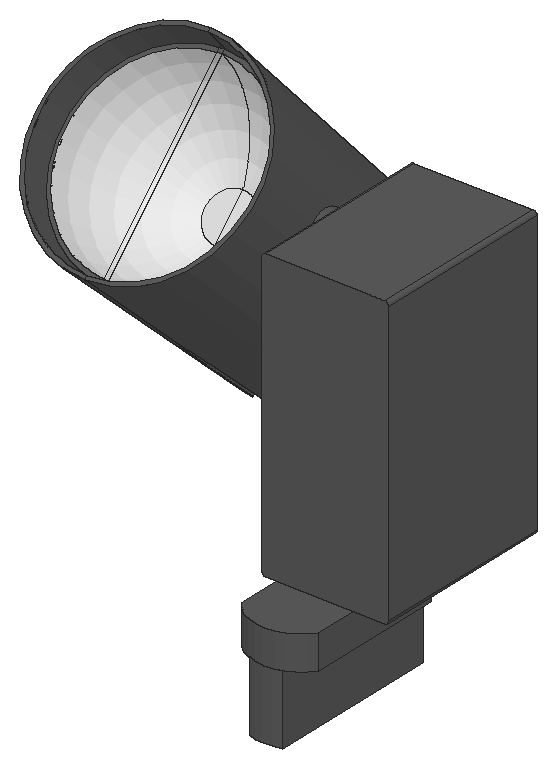
Revit family "0004900 Feilo Sylvania Lighting Fixture START TRACK SPOT S 24W 4K RA90 WB BLACK", category Lighting Fixtures, host Face, Revit 2017 (continued)
Definition of nested family "Start Track Spot Head"
  Types (96, lengths in mm): name | Wattage | built-in parameter 1150134 | Photometric Web File | Model | built-in parameter 1150105 | Lumens | built-in parameter 1150107 | built-in parameter 1150106 | HeadThickness_FEILO | HeadRibOffset_FEILO | HeadRibDepth_FEILO | HeadRibCutWidth_FEILO | HeadRibCutOffset_FEILO | HeadReflectorRadius_FEILO | HeadReflectorOffset_FEILO | HeadLEDRadius_FEILO | HeadHeight_FEILO | HeadDiffusorOffset_FEILO | HeadDiaOut_FEILO | HeadDiaIn_FEILO | HeadAxisFromTop_FEILO | Emit from Circle Diameter | built-in parameter 1150104 | Description | Apparent Load
    0004864 START TRACK SPOT S 24W 3K RA90 WB WHITE | 24 W | (empty or 0) | "0004864.ies" | "START TRACK SPOT S 24W 3K RA90 WB WHITE" | 152.79 (stored number, unit not read) | 1920 lm | 3000 (stored number, unit not read) | 1.5279 (stored number, unit not read) | 1.5 | 4.179 | 55.714 | 7.167 | 50.87 | 50.588 | 55.714 | 9.556 | 117 | 9.435 | 86 | 77.477 | 69.354 | 77.477 | 7.4322 (stored number, unit not read) | "Integrated LED spotlight, Textured White - RAL9016, compact and minimalist design, ideal for retail applications, die-cast aluminium body, passive cooling heatsink. Beam angle: 64°, color temperature: 3000K , total system power: 24W, total fixture output: 1928 lm, LOR: 100%, colour rendering: Ra: 90 typical, LED Chromaticity: 3 step MacAdam ellipse, lifetime: >50000 hours at L70B50, energy class: A++, A+, A, IR/UV free light source without heat radiation, operating voltage: 220-240V / 50-60Hz, drive current: 600mA, electronic driver, non-dimmable, power factor: 0.95, electrical protection: Class II, Global Track 3 Phase adapter suitable for Global trac 3-circuit tracks, ingress protection rating: IP20, suitable for internal environment only, horizontal rotation: 355°, vertical tilt: 90°, dimensions: Ø86x140x200, weight: 0.966kg." | 24 VA
    0004863 START TRACK SPOT S 24W 3K RA90 MB WHITE | 24 W | (empty or 0) | "0004863.ies" | "START TRACK SPOT S 24W 3K RA90 MB WHITE" | 154.7 (stored number, unit not read) | 1944 lm | 3000 (stored number, unit not read) | 1.547 (stored number, unit not read) | 1.5 | 4.179 | 55.714 | 7.167 | 50.87 | 50.588 | 55.714 | 9.556 | 117 | 9.435 | 86 | 77.477 | 69.354 | 77.477 | 7.5251 (stored number, unit not read) | "Integrated LED spotlight, Textured White - RAL9016, compact and minimalist design, ideal for retail applications, die-cast aluminium body, passive cooling heatsink. Beam angle: 36°, color temperature: 3000K , total system power: 24W, total fixture output: 1944 lm, LOR: 100%, colour rendering: Ra: 90 typical, LED Chromaticity: 3 step MacAdam ellipse, lifetime: >50000 hours at L70B50, energy class: A++, A+, A, IR/UV free light source without heat radiation, operating voltage: 220-240V / 50-60Hz, drive current: 600mA, electronic driver, non-dimmable, power factor: 0.95, electrical protection: Class II, Global Track 3 Phase adapter suitable for Global trac 3-circuit tracks, ingress protection rating: IP20, suitable for internal environment only, horizontal rotation: 355°, vertical tilt: 90°, dimensions: Ø86x140x200, weight: 0.966kg." | 24 VA
    0004862 START TRACK SPOT S 24W 3K RA90 NB WHITE | 24 W | (empty or 0) | "0004862.ies" | "START TRACK SPOT S 24W 3K RA90 NB WHITE" | 158.52 (stored number, unit not read) | 1992 lm | 3000 (stored number, unit not read) | 1.5852 (stored number, unit not read) | 1.5 | 4.179 | 55.714 | 7.167 | 50.87 | 50.588 | 55.714 | 9.556 | 117 | 9.435 | 86 | 77.477 | 69.354 | 77.477 | 7.711 (stored number, unit not read) | "Integrated LED spotlight, Textured White - RAL9016, compact and minimalist design, ideal for retail applications, die-cast aluminium body, passive cooling heatsink. Beam angle: 12°, color temperature: 3000K , total system power: 24W, total fixture output: 1987 lm, LOR: 100%, colour rendering: Ra: 90 typical, LED Chromaticity: 3 step MacAdam ellipse, lifetime: >50000 hours at L70B50, energy class: A++, A+, A, IR/UV free light source without heat radiation, operating voltage: 220-240V / 50-60Hz, drive current: 600mA, electronic driver, non-dimmable, power factor: 0.95, electrical protection: Class II, Global Track 3 Phase adapter suitable for Global trac 3-circuit tracks, ingress protection rating: IP20, suitable for internal environment only, horizontal rotation: 355°, vertical tilt: 90°, dimensions: Ø86x140x200, weight: 0.966kg." | 24 VA
    0004861 START TRACK SPOT S 14W 3K RA90 WB WHITE | 14 W | (empty or 0) | "0004861.ies" | "START TRACK SPOT S 14W 3K RA90 WB WHITE" | 100.27 (stored number, unit not read) | 1260 lm | 3000 (stored number, unit not read) | 1.0027 (stored number, unit not read) | 1.5 | 4.179 | 55.714 | 7.167 | 50.87 | 50.588 | 55.714 | 9.556 | 117 | 9.435 | 86 | 77.477 | 69.354 | 77.477 | 8.3613 (stored number, unit not read) | "Integrated LED spotlight, Textured White - RAL9016, compact and minimalist design, ideal for retail applications, die-cast aluminium body, passive cooling heatsink. Beam angle: 64°, color temperature: 3000K , total system power: 14W, total fixture output: 1262 lm, LOR: 100%, colour rendering: Ra: 90 typical, LED Chromaticity: 3 step MacAdam ellipse, lifetime: >50000 hours at L70B50, energy class: A++, A+, A, IR/UV free light source without heat radiation, operating voltage: 220-240V / 50-60Hz, drive current: 350mA, electronic driver, non-dimmable, power factor: 0.92, electrical protection: Class II, Global Track 3 Phase adapter suitable for Global trac 3-circuit tracks, ingress protection rating: IP20, suitable for internal environment only, horizontal rotation: 355°, vertical tilt: 90°, dimensions: Ø86x140x200, weight: 0.940kg." | 14 VA
    0004860 START TRACK SPOT S 14W 3K RA90 MB WHITE | 14 W | (empty or 0) | "0004860.ies" | "START TRACK SPOT S 14W 3K RA90 MB WHITE" | 100.27 (stored number, unit not read) | 1260 lm | 3000 (stored number, unit not read) | 1.0027 (stored number, unit not read) | 1.5 | 4.179 | 55.714 | 7.167 | 50.87 | 50.588 | 55.714 | 9.556 | 117 | 9.435 | 86 | 77.477 | 69.354 | 77.477 | 8.3613 (stored number, unit not read) | "Integrated LED spotlight, Textured White - RAL9016, compact and minimalist design, ideal for retail applications, die-cast aluminium body, passive cooling heatsink. Beam angle: 36°, color temperature: 3000K , total system power: 14W, total fixture output: 1262 lm, LOR: 100%, colour rendering: Ra: 90 typical, LED Chromaticity: 3 step MacAdam ellipse, lifetime: >50000 hours at L70B50, energy class: A++, A+, A, IR/UV free light source without heat radiation, operating voltage: 220-240V / 50-60Hz, drive current: 350mA, electronic driver, non-dimmable, power factor: 0.92, electrical protection: Class II, Global Track 3 Phase adapter suitable for Global trac 3-circuit tracks, ingress protection rating: IP20, suitable for internal environment only, horizontal rotation: 355°, vertical tilt: 90°, dimensions: Ø86x140x200, weight: 0.940kg." | 14 VA
    0004859 START TRACK SPOT S 14W 3K RA90 NB WHITE | 14 W | (empty or 0) | "0004859.ies" | "START TRACK SPOT S 14W 3K RA90 NB WHITE" | 102.5 (stored number, unit not read) | 1288 lm | 3000 (stored number, unit not read) | 1.025 (stored number, unit not read) | 1.5 | 4.179 | 55.714 | 7.167 | 50.87 | 50.588 | 55.714 | 9.556 | 117 | 9.435 | 86 | 77.477 | 69.354 | 77.477 | 8.5471 (stored number, unit not read) | "Integrated LED spotlight, Textured White - RAL9016, compact and minimalist design, ideal for retail applications, die-cast aluminium body, passive cooling heatsink. Beam angle: 12°, color temperature: 3000K , total system power: 14W, total fixture output: 1284 lm, LOR: 100%, colour rendering: Ra: 90 typical, LED Chromaticity: 3 step MacAdam ellipse, lifetime: >50000 hours at L70B50, energy class: A++, A+, A, IR/UV free light source without heat radiation, operating voltage: 220-240V / 50-60Hz, drive current: 350mA, electronic driver, non-dimmable, power factor: 0.92, electrical protection: Class II, Global Track 3 Phase adapter suitable for Global trac 3-circuit tracks, ingress protection rating: IP20, suitable for internal environment only, horizontal rotation: 355°, vertical tilt: 90°, dimensions: Ø86x140x200, weight: 0.940kg." | 14 VA
    0004858 START TRACK SPOT L 55W 4K RA80 WB BLACK | 55 W | 12 | "0004858.ies" | "START TRACK SPOT L 55W 4K RA80 WB BLACK" | 424.55 (stored number, unit not read) | 5335 lm | 4000 (stored number, unit not read) | 4.2455 (stored number, unit not read) | 2 | 4.429 | 59.048 | 9.417 | 53.913 | 66.471 | 59.048 | 12.556 | 124 | 10 | 113 | 101.802 | 73.503 | 101.802 | 9.0116 (stored number, unit not read) | "Integrated LED spotlight, Textured Black - RAL9005, compact and minimalist design, ideal for retail applications, die-cast aluminium body, passive cooling heatsink. Beam angle: 52°, color temperature: 4000K , total system power: 55W, total fixture output: 5320 lm, LOR: 100%, colour rendering: Ra: 80 typical, LED Chromaticity: 3 step MacAdam ellipse, lifetime: >50000 hours at L70B50, energy class: A++, A+, A, IR/UV free light source without heat radiation, operating voltage: 220-240V / 50-60Hz, drive current: 1400mA, electronic driver, non-dimmable, power factor: 0.96, electrical protection: Class II, Global Track 3 Phase adapter suitable for Global trac 3-circuit tracks, ingress protection rating: IP20, suitable for internal environment only, horizontal rotation: 355°, vertical tilt: 90°, dimensions: Ø113x164x240, weight: 1.398kg." | 55 VA
    0004857 START TRACK SPOT L 55W 4K RA80 MB BLACK | 55 W | 12 | "0004857.ies" | "START TRACK SPOT L 55W 4K RA80 MB BLACK" | 428.92 (stored number, unit not read) | 5390 lm | 4000 (stored number, unit not read) | 4.2892 (stored number, unit not read) | 2 | 4.429 | 59.048 | 9.417 | 53.913 | 66.471 | 59.048 | 12.556 | 124 | 10 | 113 | 101.802 | 73.503 | 101.802 | 9.1045 (stored number, unit not read) | "Integrated LED spotlight, Textured Black - RAL9005, compact and minimalist design, ideal for retail applications, die-cast aluminium body, passive cooling heatsink. Beam angle: 38°, color temperature: 4000K , total system power: 55W, total fixture output: 5378 lm, LOR: 100%, colour rendering: Ra: 80 typical, LED Chromaticity: 3 step MacAdam ellipse, lifetime: >50000 hours at L70B50, energy class: A++, A+, A, IR/UV free light source without heat radiation, operating voltage: 220-240V / 50-60Hz, drive current: 1400mA, electronic driver, non-dimmable, power factor: 0.96, electrical protection: Class II, Global Track 3 Phase adapter suitable for Global trac 3-circuit tracks, ingress protection rating: IP20, suitable for internal environment only, horizontal rotation: 355°, vertical tilt: 90°, dimensions: Ø113x164x240, weight: 1.398kg." | 55 VA
    0004856 START TRACK SPOT L 55W 4K RA80 NB BLACK | 55 W | 12 | "0004856.ies" | "START TRACK SPOT L 55W 4K RA80 NB BLACK" | 433.3 (stored number, unit not read) | 5445 lm | 4000 (stored number, unit not read) | 4.333 (stored number, unit not read) | 2 | 4.429 | 59.048 | 9.417 | 53.913 | 66.471 | 59.048 | 12.556 | 124 | 10 | 113 | 101.802 | 73.503 | 101.802 | 9.1974 (stored number, unit not read) | "Integrated LED spotlight, Textured Black - RAL9005, compact and minimalist design, ideal for retail applications, die-cast aluminium body, passive cooling heatsink. Beam angle: 15°, color temperature: 4000K , total system power: 55W, total fixture output: 5426 lm, LOR: 100%, colour rendering: Ra: 80 typical, LED Chromaticity: 3 step MacAdam ellipse, lifetime: >50000 hours at L70B50, energy class: A++, A+, A, IR/UV free light source without heat radiation, operating voltage: 220-240V / 50-60Hz, drive current: 1400mA, electronic driver, non-dimmable, power factor: 0.96, electrical protection: Class II, Global Track 3 Phase adapter suitable for Global trac 3-circuit tracks, ingress protection rating: IP20, suitable for internal environment only, horizontal rotation: 355°, vertical tilt: 90°, dimensions: Ø113x164x240, weight: 1.398kg." | 55 VA
    0004855 START TRACK SPOT L 35W 4K RA80 WB BLACK | 35 W | 12 | "0004855.ies" | "START TRACK SPOT L 35W 4K RA80 WB BLACK" | 320.3 (stored number, unit not read) | 4025 lm | 4000 (stored number, unit not read) | 3.203 (stored number, unit not read) | 2 | 4.429 | 59.048 | 9.417 | 53.913 | 66.471 | 59.048 | 12.556 | 124 | 10 | 113 | 101.802 | 73.503 | 101.802 | 10.684 (stored number, unit not read) | "Integrated LED spotlight, Textured Black - RAL9005, compact and minimalist design, ideal for retail applications, die-cast aluminium body, passive cooling heatsink. Beam angle: 52°, color temperature: 4000K , total system power: 35W, total fixture output: 4010 lm, LOR: 100%, colour rendering: Ra: 80 typical, LED Chromaticity: 3 step MacAdam ellipse, lifetime: >50000 hours at L70B50, energy class: A++, A+, A, IR/UV free light source without heat radiation, operating voltage: 220-240V / 50-60Hz, drive current: 900mA, electronic driver, non-dimmable, power factor: 0.93, electrical protection: Class II, Global Track 3 Phase adapter suitable for Global trac 3-circuit tracks, ingress protection rating: IP20, suitable for internal environment only, horizontal rotation: 355°, vertical tilt: 90°, dimensions: Ø113x164x240, weight: 1.368kg." | 35 VA
    0004854 START TRACK SPOT L 35W 4K RA80 MB BLACK | 35 W | 12 | "0004854.ies" | "START TRACK SPOT L 35W 4K RA80 MB BLACK" | 320.3 (stored number, unit not read) | 4025 lm | 4000 (stored number, unit not read) | 3.203 (stored number, unit not read) | 2 | 4.429 | 59.048 | 9.417 | 53.913 | 66.471 | 59.048 | 12.556 | 124 | 10 | 113 | 101.802 | 73.503 | 101.802 | 10.684 (stored number, unit not read) | "Integrated LED spotlight, Textured Black - RAL9005, compact and minimalist design, ideal for retail applications, die-cast aluminium body, passive cooling heatsink. Beam angle: 38°, color temperature: 4000K , total system power: 35W, total fixture output: 4017 lm, LOR: 100%, colour rendering: Ra: 80 typical, LED Chromaticity: 3 step MacAdam ellipse, lifetime: >50000 hours at L70B50, energy class: A++, A+, A, IR/UV free light source without heat radiation, operating voltage: 220-240V / 50-60Hz, drive current: 900mA, electronic driver, non-dimmable, power factor: 0.93, electrical protection: Class II, Global Track 3 Phase adapter suitable for Global trac 3-circuit tracks, ingress protection rating: IP20, suitable for internal environment only, horizontal rotation: 355°, vertical tilt: 90°, dimensions: Ø113x164x240, weight: 1.368kg." | 35 VA
    0004853 START TRACK SPOT L 35W 4K RA80 NB BLACK | 35 W | 12 | "0004853.ies" | "START TRACK SPOT L 35W 4K RA80 NB BLACK" | 331.44 (stored number, unit not read) | 4165 lm | 4000 (stored number, unit not read) | 3.3144 (stored number, unit not read) | 2 | 4.429 | 59.048 | 9.417 | 53.913 | 66.471 | 59.048 | 12.556 | 124 | 10 | 113 | 101.802 | 73.503 | 101.802 | 11.055 (stored number, unit not read) | "Integrated LED spotlight, Textured Black - RAL9005, compact and minimalist design, ideal for retail applications, die-cast aluminium body, passive cooling heatsink. Beam angle: 15°, color temperature: 4000K , total system power: 35W, total fixture output: 4174 lm, LOR: 100%, colour rendering: Ra: 80 typical, LED Chromaticity: 3 step MacAdam ellipse, lifetime: >50000 hours at L70B50, energy class: A++, A+, A, IR/UV free light source without heat radiation, operating voltage: 220-240V / 50-60Hz, drive current: 900mA, electronic driver, non-dimmable, power factor: 0.93, electrical protection: Class II, Global Track 3 Phase adapter suitable for Global trac 3-circuit tracks, ingress protection rating: IP20, suitable for internal environment only, horizontal rotation: 355°, vertical tilt: 90°, dimensions: Ø113x164x240, weight: 1.368kg." | 35 VA
    0004852 START TRACK SPOT S 24W 4K RA80 WB BLACK | 24 W | 12 | "0004852.ies" | "START TRACK SPOT S 24W 4K RA80 WB BLACK" | 196.72 (stored number, unit not read) | 2472 lm | 4000 (stored number, unit not read) | 1.9672 (stored number, unit not read) | 1.5 | 4.179 | 55.714 | 7.167 | 50.87 | 50.588 | 55.714 | 9.556 | 117 | 9.435 | 86 | 77.477 | 69.354 | 77.477 | 9.569 (stored number, unit not read) | "Integrated LED spotlight, Textured Black - RAL9005, compact and minimalist design, ideal for retail applications, die-cast aluminium body, passive cooling heatsink. Beam angle: 64°, color temperature: 4000K , total system power: 24W, total fixture output: 2476 lm, LOR: 100%, colour rendering: Ra: 80 typical, LED Chromaticity: 3 step MacAdam ellipse, lifetime: >50000 hours at L70B50, energy class: A++, A+, A, IR/UV free light source without heat radiation, operating voltage: 220-240V / 50-60Hz, drive current: 600mA, electronic driver, non-dimmable, power factor: 0.95, electrical protection: Class II, Global Track 3 Phase adapter suitable for Global trac 3-circuit tracks, ingress protection rating: IP20, suitable for internal environment only, horizontal rotation: 355°, vertical tilt: 90°, dimensions: Ø86x140x200, weight: 0.966kg." | 24 VA
    0004851 START TRACK SPOT S 24W 4K RA80 MB BLACK | 24 W | 12 | "0004851.ies" | "START TRACK SPOT S 24W 4K RA80 MB BLACK" | 198.63 (stored number, unit not read) | 2496 lm | 4000 (stored number, unit not read) | 1.9863 (stored number, unit not read) | 1.5 | 4.179 | 55.714 | 7.167 | 50.87 | 50.588 | 55.714 | 9.556 | 117 | 9.435 | 86 | 77.477 | 69.354 | 77.477 | 9.6619 (stored number, unit not read) | "Integrated LED spotlight, Textured Black - RAL9005, compact and minimalist design, ideal for retail applications, die-cast aluminium body, passive cooling heatsink. Beam angle: 36°, color temperature: 4000K , total system power: 24W, total fixture output: 2487 lm, LOR: 100%, colour rendering: Ra: 80 typical, LED Chromaticity: 3 step MacAdam ellipse, lifetime: >50000 hours at L70B50, energy class: A++, A+, A, IR/UV free light source without heat radiation, operating voltage: 220-240V / 50-60Hz, drive current: 600mA, electronic driver, non-dimmable, power factor: 0.95, electrical protection: Class II, Global Track 3 Phase adapter suitable for Global trac 3-circuit tracks, ingress protection rating: IP20, suitable for internal environment only, horizontal rotation: 355°, vertical tilt: 90°, dimensions: Ø86x140x200, weight: 0.966kg." | 24 VA
    0004850 START TRACK SPOT S 24W 4K RA80 NB BLACK | 24 W | 12 | "0004850.ies" | "START TRACK SPOT S 24W 4K RA80 NB BLACK" | 200.54 (stored number, unit not read) | 2520 lm | 4000 (stored number, unit not read) | 2.0054 (stored number, unit not read) | 1.5 | 4.179 | 55.714 | 7.167 | 50.87 | 50.588 | 55.714 | 9.556 | 117 | 9.435 | 86 | 77.477 | 69.354 | 77.477 | 9.7548 (stored number, unit not read) | "Integrated LED spotlight, Textured Black - RAL9005, compact and minimalist design, ideal for retail applications, die-cast aluminium body, passive cooling heatsink. Beam angle: 12°, color temperature: 4000K , total system power: 24W, total fixture output: 2529 lm, LOR: 100%, colour rendering: Ra: 80 typical, LED Chromaticity: 3 step MacAdam ellipse, lifetime: >50000 hours at L70B50, energy class: A++, A+, A, IR/UV free light source without heat radiation, operating voltage: 220-240V / 50-60Hz, drive current: 600mA, electronic driver, non-dimmable, power factor: 0.95, electrical protection: Class II, Global Track 3 Phase adapter suitable for Global trac 3-circuit tracks, ingress protection rating: IP20, suitable for internal environment only, horizontal rotation: 355°, vertical tilt: 90°, dimensions: Ø86x140x200, weight: 0.966kg." | 24 VA
    0004849 START TRACK SPOT S 14W 4K RA80 WB BLACK | 14 W | 12 | "0004849.ies" | "START TRACK SPOT S 14W 4K RA80 WB BLACK" | 123.66 (stored number, unit not read) | 1554 lm | 4000 (stored number, unit not read) | 1.2366 (stored number, unit not read) | 1.5 | 4.179 | 55.714 | 7.167 | 50.87 | 50.588 | 55.714 | 9.556 | 117 | 9.435 | 86 | 77.477 | 69.354 | 77.477 | 10.312 (stored number, unit not read) | "Integrated LED spotlight, Textured Black - RAL9005, compact and minimalist design, ideal for retail applications, die-cast aluminium body, passive cooling heatsink. Beam angle: 64°, color temperature: 4000K , total system power: 14W, total fixture output: 1558 lm, LOR: 100%, colour rendering: Ra: 80 typical, LED Chromaticity: 3 step MacAdam ellipse, lifetime: >50000 hours at L70B50, energy class: A++, A+, A, IR/UV free light source without heat radiation, operating voltage: 220-240V / 50-60Hz, drive current: 350mA, electronic driver, non-dimmable, power factor: 0.92, electrical protection: Class II, Global Track 3 Phase adapter suitable for Global trac 3-circuit tracks, ingress protection rating: IP20, suitable for internal environment only, horizontal rotation: 355°, vertical tilt: 90°, dimensions: Ø86x140x200, weight: 0.940kg." | 14 VA
    0004848 START TRACK SPOT S 14W 4K RA80 MB BLACK | 14 W | 12 | "0004848.ies" | "START TRACK SPOT S 14W 4K RA80 MB BLACK" | 127.01 (stored number, unit not read) | 1596 lm | 4000 (stored number, unit not read) | 1.2701 (stored number, unit not read) | 1.5 | 4.179 | 55.714 | 7.167 | 50.87 | 50.588 | 55.714 | 9.556 | 117 | 9.435 | 86 | 77.477 | 69.354 | 77.477 | 10.591 (stored number, unit not read) | "Integrated LED spotlight, Textured Black - RAL9005, compact and minimalist design, ideal for retail applications, die-cast aluminium body, passive cooling heatsink. Beam angle: 36°, color temperature: 4000K , total system power: 14W, total fixture output: 1598 lm, LOR: 100%, colour rendering: Ra: 80 typical, LED Chromaticity: 3 step MacAdam ellipse, lifetime: >50000 hours at L70B50, energy class: A++, A+, A, IR/UV free light source without heat radiation, operating voltage: 220-240V / 50-60Hz, drive current: 350mA, electronic driver, non-dimmable, power factor: 0.92, electrical protection: Class II, Global Track 3 Phase adapter suitable for Global trac 3-circuit tracks, ingress protection rating: IP20, suitable for internal environment only, horizontal rotation: 355°, vertical tilt: 90°, dimensions: Ø86x140x200, weight: 0.940kg." | 14 VA
    0004847 START TRACK SPOT S 14W 4K RA80 NB BLACK | 14 W | 12 | "0004847.ies" | "START TRACK SPOT S 14W 4K RA80 NB BLACK" | 128.12 (stored number, unit not read) | 1610 lm | 4000 (stored number, unit not read) | 1.2812 (stored number, unit not read) | 1.5 | 4.179 | 55.714 | 7.167 | 50.87 | 50.588 | 55.714 | 9.556 | 117 | 9.435 | 86 | 77.477 | 69.354 | 77.477 | 10.684 (stored number, unit not read) | "Integrated LED spotlight, Textured Black - RAL9005, compact and minimalist design, ideal for retail applications, die-cast aluminium body, passive cooling heatsink. Beam angle: 12°, color temperature: 4000K , total system power: 14W, total fixture output: 1608 lm, LOR: 100%, colour rendering: Ra: 80 typical, LED Chromaticity: 3 step MacAdam ellipse, lifetime: >50000 hours at L70B50, energy class: A++, A+, A, IR/UV free light source without heat radiation, operating voltage: 220-240V / 50-60Hz, drive current: 350mA, electronic driver, non-dimmable, power factor: 0.92, electrical protection: Class II, Global Track 3 Phase adapter suitable for Global trac 3-circuit tracks, ingress protection rating: IP20, suitable for internal environment only, horizontal rotation: 355°, vertical tilt: 90°, dimensions: Ø86x140x200, weight: 0.940kg." | 14 VA
    0004846 START TRACK SPOT L 55W 3K RA80 WB BLACK | 55 W | (empty or 0) | "0004846.ies" | "START TRACK SPOT L 55W 3K RA80 WB BLACK" | 420.17 (stored number, unit not read) | 5280 lm | 3000 (stored number, unit not read) | 4.2017 (stored number, unit not read) | 2 | 4.429 | 59.048 | 9.417 | 53.913 | 66.471 | 59.048 | 12.556 | 124 | 10 | 113 | 101.802 | 73.503 | 101.802 | 8.9187 (stored number, unit not read) | "Integrated LED spotlight, Textured Black - RAL9005, compact and minimalist design, ideal for retail applications, die-cast aluminium body, passive cooling heatsink. Beam angle: 52°, color temperature: 3000K , total system power: 55W, total fixture output: 5298 lm, LOR: 100%, colour rendering: Ra: 80 typical, LED Chromaticity: 3 step MacAdam ellipse, lifetime: >50000 hours at L70B50, energy class: A++, A+, A, IR/UV free light source without heat radiation, operating voltage: 220-240V / 50-60Hz, drive current: 1400mA, electronic driver, non-dimmable, power factor: 0.96, electrical protection: Class II, Global Track 3 Phase adapter suitable for Global trac 3-circuit tracks, ingress protection rating: IP20, suitable for internal environment only, horizontal rotation: 355°, vertical tilt: 90°, dimensions: Ø113x164x240, weight: 1.398kg." | 55 VA
    0004845 START TRACK SPOT L 55W 3K RA80 MB BLACK | 55 W | (empty or 0) | "0004845.ies" | "START TRACK SPOT L 55W 3K RA80 MB BLACK" | 428.92 (stored number, unit not read) | 5390 lm | 3000 (stored number, unit not read) | 4.2892 (stored number, unit not read) | 2 | 4.429 | 59.048 | 9.417 | 53.913 | 66.471 | 59.048 | 12.556 | 124 | 10 | 113 | 101.802 | 73.503 | 101.802 | 9.1045 (stored number, unit not read) | "Integrated LED spotlight, Textured Black - RAL9005, compact and minimalist design, ideal for retail applications, die-cast aluminium body, passive cooling heatsink. Beam angle: 38°, color temperature: 3000K , total system power: 55W, total fixture output: 5381 lm, LOR: 100%, colour rendering: Ra: 80 typical, LED Chromaticity: 3 step MacAdam ellipse, lifetime: >50000 hours at L70B50, energy class: A++, A+, A, IR/UV free light source without heat radiation, operating voltage: 220-240V / 50-60Hz, drive current: 1400mA, electronic driver, non-dimmable, power factor: 0.96, electrical protection: Class II, Global Track 3 Phase adapter suitable for Global trac 3-circuit tracks, ingress protection rating: IP20, suitable for internal environment only, horizontal rotation: 355°, vertical tilt: 90°, dimensions: Ø113x164x240, weight: 1.398kg." | 55 VA
    0004844 START TRACK SPOT L 55W 3K RA80 NB BLACK | 55 W | (empty or 0) | "0004844.ies" | "START TRACK SPOT L 55W 3K RA80 NB BLACK" | 433.3 (stored number, unit not read) | 5445 lm | 3000 (stored number, unit not read) | 4.333 (stored number, unit not read) | 2 | 4.429 | 59.048 | 9.417 | 53.913 | 66.471 | 59.048 | 12.556 | 124 | 10 | 113 | 101.802 | 73.503 | 101.802 | 9.1974 (stored number, unit not read) | "Integrated LED spotlight, Textured Black - RAL9005, compact and minimalist design, ideal for retail applications, die-cast aluminium body, passive cooling heatsink. Beam angle: 15°, color temperature: 3000K , total system power: 55W, total fixture output: 5449 lm, LOR: 100%, colour rendering: Ra: 80 typical, LED Chromaticity: 3 step MacAdam ellipse, lifetime: >50000 hours at L70B50, energy class: A++, A+, A, IR/UV free light source without heat radiation, operating voltage: 220-240V / 50-60Hz, drive current: 1400mA, electronic driver, non-dimmable, power factor: 0.96, electrical protection: Class II, Global Track 3 Phase adapter suitable for Global trac 3-circuit tracks, ingress protection rating: IP20, suitable for internal environment only, horizontal rotation: 355°, vertical tilt: 90°, dimensions: Ø113x164x240, weight: 1.398kg." | 55 VA
    0004843 START TRACK SPOT L 35W 3K RA80 WB BLACK | 35 W | (empty or 0) | "0004843.ies" | "START TRACK SPOT L 35W 3K RA80 WB BLACK" | 314.73 (stored number, unit not read) | 3955 lm | 3000 (stored number, unit not read) | 3.1473 (stored number, unit not read) | 2 | 4.429 | 59.048 | 9.417 | 53.913 | 66.471 | 59.048 | 12.556 | 124 | 10 | 113 | 101.802 | 73.503 | 101.802 | 10.498 (stored number, unit not read) | "Integrated LED spotlight, Textured Black - RAL9005, compact and minimalist design, ideal for retail applications, die-cast aluminium body, passive cooling heatsink. Beam angle: 52°, color temperature: 3000K , total system power: 35W, total fixture output: 3943 lm, LOR: 100%, colour rendering: Ra: 80 typical, LED Chromaticity: 3 step MacAdam ellipse, lifetime: >50000 hours at L70B50, energy class: A++, A+, A, IR/UV free light source without heat radiation, operating voltage: 220-240V / 50-60Hz, drive current: 900mA, electronic driver, non-dimmable, power factor: 0.93, electrical protection: Class II, Global Track 3 Phase adapter suitable for Global trac 3-circuit tracks, ingress protection rating: IP20, suitable for internal environment only, horizontal rotation: 355°, vertical tilt: 90°, dimensions: Ø113x164x240, weight: 1.368kg." | 35 VA
    0004842 START TRACK SPOT L 35W 3K RA80 MB BLACK | 35 W | (empty or 0) | "0004842.ies" | "START TRACK SPOT L 35W 3K RA80 MB BLACK" | 320.3 (stored number, unit not read) | 4025 lm | 3000 (stored number, unit not read) | 3.203 (stored number, unit not read) | 2 | 4.429 | 59.048 | 9.417 | 53.913 | 66.471 | 59.048 | 12.556 | 124 | 10 | 113 | 101.802 | 73.503 | 101.802 | 10.684 (stored number, unit not read) | "Integrated LED spotlight, Textured Black - RAL9005, compact and minimalist design, ideal for retail applications, die-cast aluminium body, passive cooling heatsink. Beam angle: 38°, color temperature: 3000K , total system power: 35W, total fixture output: 4008 lm, LOR: 100%, colour rendering: Ra: 80 typical, LED Chromaticity: 3 step MacAdam ellipse, lifetime: >50000 hours at L70B50, energy class: A++, A+, A, IR/UV free light source without heat radiation, operating voltage: 220-240V / 50-60Hz, drive current: 900mA, electronic driver, non-dimmable, power factor: 0.93, electrical protection: Class II, Global Track 3 Phase adapter suitable for Global trac 3-circuit tracks, ingress protection rating: IP20, suitable for internal environment only, horizontal rotation: 355°, vertical tilt: 90°, dimensions: Ø113x164x240, weight: 1.368kg." | 35 VA
    0004841 START TRACK SPOT L 35W 3K RA80 NB BLACK | 35 W | (empty or 0) | "0004841.ies" | "START TRACK SPOT L 35W 3K RA80 NB BLACK" | 317.51 (stored number, unit not read) | 3990 lm | 3000 (stored number, unit not read) | 3.1751 (stored number, unit not read) | 2 | 4.429 | 59.048 | 9.417 | 53.913 | 66.471 | 59.048 | 12.556 | 124 | 10 | 113 | 101.802 | 73.503 | 101.802 | 10.591 (stored number, unit not read) | "Integrated LED spotlight, Textured Black - RAL9005, compact and minimalist design, ideal for retail applications, die-cast aluminium body, passive cooling heatsink. Beam angle: 15°, color temperature: 3000K , total system power: 35W, total fixture output: 4005 lm, LOR: 100%, colour rendering: Ra: 80 typical, LED Chromaticity: 3 step MacAdam ellipse, lifetime: >50000 hours at L70B50, energy class: A++, A+, A, IR/UV free light source without heat radiation, operating voltage: 220-240V / 50-60Hz, drive current: 900mA, electronic driver, non-dimmable, power factor: 0.93, electrical protection: Class II, Global Track 3 Phase adapter suitable for Global trac 3-circuit tracks, ingress protection rating: IP20, suitable for internal environment only, horizontal rotation: 355°, vertical tilt: 90°, dimensions: Ø113x164x240, weight: 1.368kg." | 35 VA
    0004840 START TRACK SPOT S 24W 3K RA80 WB BLACK | 24 W | (empty or 0) | "0004840.ies" | "START TRACK SPOT S 24W 3K RA80 WB BLACK" | 185.26 (stored number, unit not read) | 2328 lm | 3000 (stored number, unit not read) | 1.8526 (stored number, unit not read) | 1.5 | 4.179 | 55.714 | 7.167 | 50.87 | 50.588 | 55.714 | 9.556 | 117 | 9.435 | 86 | 77.477 | 69.354 | 77.477 | 9.0116 (stored number, unit not read) | "Integrated LED spotlight, Textured Black - RAL9005, compact and minimalist design, ideal for retail applications, die-cast aluminium body, passive cooling heatsink. Beam angle: 64°, color temperature: 3000K , total system power: 24W, total fixture output: 2318 lm, LOR: 100%, colour rendering: Ra: 80 typical, LED Chromaticity: 3 step MacAdam ellipse, lifetime: >50000 hours at L70B50, energy class: A++, A+, A, IR/UV free light source without heat radiation, operating voltage: 220-240V / 50-60Hz, drive current: 600mA, electronic driver, non-dimmable, power factor: 0.95, electrical protection: Class II, Global Track 3 Phase adapter suitable for Global trac 3-circuit tracks, ingress protection rating: IP20, suitable for internal environment only, horizontal rotation: 355°, vertical tilt: 90°, dimensions: Ø86x140x200, weight: 0.966kg." | 24 VA
    0004839 START TRACK SPOT S 24W 3K RA80 MB BLACK | 24 W | (empty or 0) | "0004839.ies" | "START TRACK SPOT S 24W 3K RA80 MB BLACK" | 183.35 (stored number, unit not read) | 2304 lm | 3000 (stored number, unit not read) | 1.8335 (stored number, unit not read) | 1.5 | 4.179 | 55.714 | 7.167 | 50.87 | 50.588 | 55.714 | 9.556 | 117 | 9.435 | 86 | 77.477 | 69.354 | 77.477 | 8.9187 (stored number, unit not read) | "Integrated LED spotlight, Textured Black - RAL9005, compact and minimalist design, ideal for retail applications, die-cast aluminium body, passive cooling heatsink. Beam angle: 36°, color temperature: 3000K , total system power: 24W, total fixture output: 2314 lm, LOR: 100%, colour rendering: Ra: 80 typical, LED Chromaticity: 3 step MacAdam ellipse, lifetime: >50000 hours at L70B50, energy class: A++, A+, A, IR/UV free light source without heat radiation, operating voltage: 220-240V / 50-60Hz, drive current: 600mA, electronic driver, non-dimmable, power factor: 0.95, electrical protection: Class II, Global Track 3 Phase adapter suitable for Global trac 3-circuit tracks, ingress protection rating: IP20, suitable for internal environment only, horizontal rotation: 355°, vertical tilt: 90°, dimensions: Ø86x140x200, weight: 0.966kg." | 24 VA
    0004838 START TRACK SPOT S 24W 3K RA80 NB BLACK | 24 W | (empty or 0) | "0004838.ies" | "START TRACK SPOT S 24W 3K RA80 NB BLACK" | 185.26 (stored number, unit not read) | 2328 lm | 3000 (stored number, unit not read) | 1.8526 (stored number, unit not read) | 1.5 | 4.179 | 55.714 | 7.167 | 50.87 | 50.588 | 55.714 | 9.556 | 117 | 9.435 | 86 | 77.477 | 69.354 | 77.477 | 9.0116 (stored number, unit not read) | "Integrated LED spotlight, Textured Black - RAL9005, compact and minimalist design, ideal for retail applications, die-cast aluminium body, passive cooling heatsink. Beam angle: 12°, color temperature: 3000K , total system power: 24W, total fixture output: 2334 lm, LOR: 100%, colour rendering: Ra: 80 typical, LED Chromaticity: 3 step MacAdam ellipse, lifetime: >50000 hours at L70B50, energy class: A++, A+, A, IR/UV free light source without heat radiation, operating voltage: 220-240V / 50-60Hz, drive current: 600mA, electronic driver, non-dimmable, power factor: 0.95, electrical protection: Class II, Global Track 3 Phase adapter suitable for Global trac 3-circuit tracks, ingress protection rating: IP20, suitable for internal environment only, horizontal rotation: 355°, vertical tilt: 90°, dimensions: Ø86x140x200, weight: 0.966kg." | 24 VA
    0004837 START TRACK SPOT S 14W 3K RA80 WB BLACK | 14 W | (empty or 0) | "0004837.ies" | "START TRACK SPOT S 14W 3K RA80 WB BLACK" | 119.21 (stored number, unit not read) | 1498 lm | 3000 (stored number, unit not read) | 1.1921 (stored number, unit not read) | 1.5 | 4.179 | 55.714 | 7.167 | 50.87 | 50.588 | 55.714 | 9.556 | 117 | 9.435 | 86 | 77.477 | 69.354 | 77.477 | 9.9406 (stored number, unit not read) | "Integrated LED spotlight, Textured Black - RAL9005, compact and minimalist design, ideal for retail applications, die-cast aluminium body, passive cooling heatsink. Beam angle: 64°, color temperature: 3000K , total system power: 14W, total fixture output: 1498 lm, LOR: 100%, colour rendering: Ra: 80 typical, LED Chromaticity: 3 step MacAdam ellipse, lifetime: >50000 hours at L70B50, energy class: A++, A+, A, IR/UV free light source without heat radiation, operating voltage: 220-240V / 50-60Hz, drive current: 350mA, electronic driver, non-dimmable, power factor: 0.92, electrical protection: Class II, Global Track 3 Phase adapter suitable for Global trac 3-circuit tracks, ingress protection rating: IP20, suitable for internal environment only, horizontal rotation: 355°, vertical tilt: 90°, dimensions: Ø86x140x200, weight: 0.940kg." | 14 VA
    0004836 START TRACK SPOT S 14W 3K RA80 MB BLACK | 14 W | (empty or 0) | "0004836.ies" | "START TRACK SPOT S 14W 3K RA80 MB BLACK" | 120.32 (stored number, unit not read) | 1512 lm | 3000 (stored number, unit not read) | 1.2032 (stored number, unit not read) | 1.5 | 4.179 | 55.714 | 7.167 | 50.87 | 50.588 | 55.714 | 9.556 | 117 | 9.435 | 86 | 77.477 | 69.354 | 77.477 | 10.034 (stored number, unit not read) | "Integrated LED spotlight, Textured Black - RAL9005, compact and minimalist design, ideal for retail applications, die-cast aluminium body, passive cooling heatsink. Beam angle: 36°, color temperature: 3000K , total system power: 14W, total fixture output: 1508 lm, LOR: 100%, colour rendering: Ra: 80 typical, LED Chromaticity: 3 step MacAdam ellipse, lifetime: >50000 hours at L70B50, energy class: A++, A+, A, IR/UV free light source without heat radiation, operating voltage: 220-240V / 50-60Hz, drive current: 350mA, electronic driver, non-dimmable, power factor: 0.92, electrical protection: Class II, Global Track 3 Phase adapter suitable for Global trac 3-circuit tracks, ingress protection rating: IP20, suitable for internal environment only, horizontal rotation: 355°, vertical tilt: 90°, dimensions: Ø86x140x200, weight: 0.940kg." | 14 VA
    0004835 START TRACK SPOT S 14W 3K RA80 NB BLACK | 14 W | (empty or 0) | "0004835.ies" | "START TRACK SPOT S 14W 3K RA80 NB BLACK" | 123.66 (stored number, unit not read) | 1554 lm | 3000 (stored number, unit not read) | 1.2366 (stored number, unit not read) | 1.5 | 4.179 | 55.714 | 7.167 | 50.87 | 50.588 | 55.714 | 9.556 | 117 | 9.435 | 86 | 77.477 | 69.354 | 77.477 | 10.312 (stored number, unit not read) | "Integrated LED spotlight, Textured Black - RAL9005, compact and minimalist design, ideal for retail applications, die-cast aluminium body, passive cooling heatsink. Beam angle: 12°, color temperature: 3000K , total system power: 14W, total fixture output: 1551 lm, LOR: 100%, colour rendering: Ra: 80 typical, LED Chromaticity: 3 step MacAdam ellipse, lifetime: >50000 hours at L70B50, energy class: A++, A+, A, IR/UV free light source without heat radiation, operating voltage: 220-240V / 50-60Hz, drive current: 350mA, electronic driver, non-dimmable, power factor: 0.92, electrical protection: Class II, Global Track 3 Phase adapter suitable for Global trac 3-circuit tracks, ingress protection rating: IP20, suitable for internal environment only, horizontal rotation: 355°, vertical tilt: 90°, dimensions: Ø86x140x200, weight: 0.940kg." | 14 VA
    0004834 START TRACK SPOT L 55W 4K RA80 WB WHITE | 55 W | 12 | "0004834.ies" | "START TRACK SPOT L 55W 4K RA80 WB WHITE" | 424.55 (stored number, unit not read) | 5335 lm | 4000 (stored number, unit not read) | 4.2455 (stored number, unit not read) | 2 | 4.429 | 59.048 | 9.417 | 53.913 | 66.471 | 59.048 | 12.556 | 124 | 10 | 113 | 101.802 | 73.503 | 101.802 | 9.0116 (stored number, unit not read) | "Integrated LED spotlight, Textured White - RAL9016, compact and minimalist design, ideal for retail applications, die-cast aluminium body, passive cooling heatsink. Beam angle: 52°, color temperature: 4000K , total system power: 55W, total fixture output: 5320 lm, LOR: 100%, colour rendering: Ra: 80 typical, LED Chromaticity: 3 step MacAdam ellipse, lifetime: >50000 hours at L70B50, energy class: A++, A+, A, IR/UV free light source without heat radiation, operating voltage: 220-240V / 50-60Hz, drive current: 1400mA, electronic driver, non-dimmable, power factor: 0.96, electrical protection: Class II, Global Track 3 Phase adapter suitable for Global trac 3-circuit tracks, ingress protection rating: IP20, suitable for internal environment only, horizontal rotation: 355°, vertical tilt: 90°, dimensions: Ø113x164x240, weight: 1.398kg." | 55 VA
    0004833 START TRACK SPOT L 55W 4K RA80 MB WHITE | 55 W | 12 | "0004833.ies" | "START TRACK SPOT L 55W 4K RA80 MB WHITE" | 428.92 (stored number, unit not read) | 5390 lm | 4000 (stored number, unit not read) | 4.2892 (stored number, unit not read) | 2 | 4.429 | 59.048 | 9.417 | 53.913 | 66.471 | 59.048 | 12.556 | 124 | 10 | 113 | 101.802 | 73.503 | 101.802 | 9.1045 (stored number, unit not read) | "Integrated LED spotlight, Textured White - RAL9016, compact and minimalist design, ideal for retail applications, die-cast aluminium body, passive cooling heatsink. Beam angle: 38°, color temperature: 4000K , total system power: 55W, total fixture output: 5378 lm, LOR: 100%, colour rendering: Ra: 80 typical, LED Chromaticity: 3 step MacAdam ellipse, lifetime: >50000 hours at L70B50, energy class: A++, A+, A, IR/UV free light source without heat radiation, operating voltage: 220-240V / 50-60Hz, drive current: 1400mA, electronic driver, non-dimmable, power factor: 0.96, electrical protection: Class II, Global Track 3 Phase adapter suitable for Global trac 3-circuit tracks, ingress protection rating: IP20, suitable for internal environment only, horizontal rotation: 355°, vertical tilt: 90°, dimensions: Ø113x164x240, weight: 1.398kg." | 55 VA
    0004832 START TRACK SPOT L 55W 4K RA80 NB WHITE | 55 W | 12 | "0004832.ies" | "START TRACK SPOT L 55W 4K RA80 NB WHITE" | 433.3 (stored number, unit not read) | 5445 lm | 4000 (stored number, unit not read) | 4.333 (stored number, unit not read) | 2 | 4.429 | 59.048 | 9.417 | 53.913 | 66.471 | 59.048 | 12.556 | 124 | 10 | 113 | 101.802 | 73.503 | 101.802 | 9.1974 (stored number, unit not read) | "Integrated LED spotlight, Textured White - RAL9016, compact and minimalist design, ideal for retail applications, die-cast aluminium body, passive cooling heatsink. Beam angle: 15°, color temperature: 4000K , total system power: 55W, total fixture output: 5426 lm, LOR: 100%, colour rendering: Ra: 80 typical, LED Chromaticity: 3 step MacAdam ellipse, lifetime: >50000 hours at L70B50, energy class: A++, A+, A, IR/UV free light source without heat radiation, operating voltage: 220-240V / 50-60Hz, drive current: 1400mA, electronic driver, non-dimmable, power factor: 0.96, electrical protection: Class II, Global Track 3 Phase adapter suitable for Global trac 3-circuit tracks, ingress protection rating: IP20, suitable for internal environment only, horizontal rotation: 355°, vertical tilt: 90°, dimensions: Ø113x164x240, weight: 1.398kg." | 55 VA
    0004831 START TRACK SPOT L 35W 4K RA80 WB WHITE | 35 W | 12 | "0004831.ies" | "START TRACK SPOT L 35W 4K RA80 WB WHITE" | 320.3 (stored number, unit not read) | 4025 lm | 4000 (stored number, unit not read) | 3.203 (stored number, unit not read) | 2 | 4.429 | 59.048 | 9.417 | 53.913 | 66.471 | 59.048 | 12.556 | 124 | 10 | 113 | 101.802 | 73.503 | 101.802 | 10.684 (stored number, unit not read) | "Integrated LED spotlight, Textured White - RAL9016, compact and minimalist design, ideal for retail applications, die-cast aluminium body, passive cooling heatsink. Beam angle: 52°, color temperature: 4000K , total system power: 35W, total fixture output: 4010 lm, LOR: 100%, colour rendering: Ra: 80 typical, LED Chromaticity: 3 step MacAdam ellipse, lifetime: >50000 hours at L70B50, energy class: A++, A+, A, IR/UV free light source without heat radiation, operating voltage: 220-240V / 50-60Hz, drive current: 900mA, electronic driver, non-dimmable, power factor: 0.93, electrical protection: Class II, Global Track 3 Phase adapter suitable for Global trac 3-circuit tracks, ingress protection rating: IP20, suitable for internal environment only, horizontal rotation: 355°, vertical tilt: 90°, dimensions: Ø113x164x240, weight: 1.368kg." | 35 VA
    0004830 START TRACK SPOT L 35W 4K RA80 MB WHITE | 35 W | 12 | "0004830.ies" | "START TRACK SPOT L 35W 4K RA80 MB WHITE" | 320.3 (stored number, unit not read) | 4025 lm | 4000 (stored number, unit not read) | 3.203 (stored number, unit not read) | 2 | 4.429 | 59.048 | 9.417 | 53.913 | 66.471 | 59.048 | 12.556 | 124 | 10 | 113 | 101.802 | 73.503 | 101.802 | 10.684 (stored number, unit not read) | "Integrated LED spotlight, Textured White - RAL9016, compact and minimalist design, ideal for retail applications, die-cast aluminium body, passive cooling heatsink. Beam angle: 38°, color temperature: 4000K , total system power: 35W, total fixture output: 4017 lm, LOR: 100%, colour rendering: Ra: 80 typical, LED Chromaticity: 3 step MacAdam ellipse, lifetime: >50000 hours at L70B50, energy class: A++, A+, A, IR/UV free light source without heat radiation, operating voltage: 220-240V / 50-60Hz, drive current: 900mA, electronic driver, non-dimmable, power factor: 0.93, electrical protection: Class II, Global Track 3 Phase adapter suitable for Global trac 3-circuit tracks, ingress protection rating: IP20, suitable for internal environment only, horizontal rotation: 355°, vertical tilt: 90°, dimensions: Ø113x164x240, weight: 1.368kg." | 35 VA
    0004829 START TRACK SPOT L 35W 4K RA80 NB WHITE | 35 W | 12 | "0004829.ies" | "START TRACK SPOT L 35W 4K RA80 NB WHITE" | 331.44 (stored number, unit not read) | 4165 lm | 4000 (stored number, unit not read) | 3.3144 (stored number, unit not read) | 2 | 4.429 | 59.048 | 9.417 | 53.913 | 66.471 | 59.048 | 12.556 | 124 | 10 | 113 | 101.802 | 73.503 | 101.802 | 11.055 (stored number, unit not read) | "Integrated LED spotlight, Textured White - RAL9016, compact and minimalist design, ideal for retail applications, die-cast aluminium body, passive cooling heatsink. Beam angle: 15°, color temperature: 4000K , total system power: 35W, total fixture output: 4174 lm, LOR: 100%, colour rendering: Ra: 80 typical, LED Chromaticity: 3 step MacAdam ellipse, lifetime: >50000 hours at L70B50, energy class: A++, A+, A, IR/UV free light source without heat radiation, operating voltage: 220-240V / 50-60Hz, drive current: 900mA, electronic driver, non-dimmable, power factor: 0.93, electrical protection: Class II, Global Track 3 Phase adapter suitable for Global trac 3-circuit tracks, ingress protection rating: IP20, suitable for internal environment only, horizontal rotation: 355°, vertical tilt: 90°, dimensions: Ø113x164x240, weight: 1.368kg." | 35 VA
    0004828 START TRACK SPOT S 24W 4K RA80 WB WHITE | 24 W | 12 | "0004828.ies" | "START TRACK SPOT S 24W 4K RA80 WB WHITE" | 196.72 (stored number, unit not read) | 2472 lm | 4000 (stored number, unit not read) | 1.9672 (stored number, unit not read) | 1.5 | 4.179 | 55.714 | 7.167 | 50.87 | 50.588 | 55.714 | 9.556 | 117 | 9.435 | 86 | 77.477 | 69.354 | 77.477 | 9.569 (stored number, unit not read) | "Integrated LED spotlight, Textured White - RAL9016, compact and minimalist design, ideal for retail applications, die-cast aluminium body, passive cooling heatsink. Beam angle: 64°, color temperature: 4000K , total system power: 24W, total fixture output: 2476 lm, LOR: 100%, colour rendering: Ra: 80 typical, LED Chromaticity: 3 step MacAdam ellipse, lifetime: >50000 hours at L70B50, energy class: A++, A+, A, IR/UV free light source without heat radiation, operating voltage: 220-240V / 50-60Hz, drive current: 600mA, electronic driver, non-dimmable, power factor: 0.95, electrical protection: Class II, Global Track 3 Phase adapter suitable for Global trac 3-circuit tracks, ingress protection rating: IP20, suitable for internal environment only, horizontal rotation: 355°, vertical tilt: 90°, dimensions: Ø86x140x200, weight: 0.966kg." | 24 VA
    0004827 START TRACK SPOT S 24W 4K RA80 MB WHITE | 24 W | 12 | "0004827.ies" | "START TRACK SPOT S 24W 4K RA80 MB WHITE" | 198.63 (stored number, unit not read) | 2496 lm | 4000 (stored number, unit not read) | 1.9863 (stored number, unit not read) | 1.5 | 4.179 | 55.714 | 7.167 | 50.87 | 50.588 | 55.714 | 9.556 | 117 | 9.435 | 86 | 77.477 | 69.354 | 77.477 | 9.6619 (stored number, unit not read) | "Integrated LED spotlight, Textured White - RAL9016, compact and minimalist design, ideal for retail applications, die-cast aluminium body, passive cooling heatsink. Beam angle: 36°, color temperature: 4000K , total system power: 24W, total fixture output: 2487 lm, LOR: 100%, colour rendering: Ra: 80 typical, LED Chromaticity: 3 step MacAdam ellipse, lifetime: >50000 hours at L70B50, energy class: A++, A+, A, IR/UV free light source without heat radiation, operating voltage: 220-240V / 50-60Hz, drive current: 600mA, electronic driver, non-dimmable, power factor: 0.95, electrical protection: Class II, Global Track 3 Phase adapter suitable for Global trac 3-circuit tracks, ingress protection rating: IP20, suitable for internal environment only, horizontal rotation: 355°, vertical tilt: 90°, dimensions: Ø86x140x200, weight: 0.966kg." | 24 VA
    0004826 START TRACK SPOT S 24W 4K RA80 NB WHITE | 24 W | 12 | "0004826.ies" | "START TRACK SPOT S 24W 4K RA80 NB WHITE" | 200.54 (stored number, unit not read) | 2520 lm | 4000 (stored number, unit not read) | 2.0054 (stored number, unit not read) | 1.5 | 4.179 | 55.714 | 7.167 | 50.87 | 50.588 | 55.714 | 9.556 | 117 | 9.435 | 86 | 77.477 | 69.354 | 77.477 | 9.7548 (stored number, unit not read) | "Integrated LED spotlight, Textured White - RAL9016, compact and minimalist design, ideal for retail applications, die-cast aluminium body, passive cooling heatsink. Beam angle: 12°, color temperature: 4000K , total system power: 24W, total fixture output: 2529 lm, LOR: 100%, colour rendering: Ra: 80 typical, LED Chromaticity: 3 step MacAdam ellipse, lifetime: >50000 hours at L70B50, energy class: A++, A+, A, IR/UV free light source without heat radiation, operating voltage: 220-240V / 50-60Hz, drive current: 600mA, electronic driver, non-dimmable, power factor: 0.95, electrical protection: Class II, Global Track 3 Phase adapter suitable for Global trac 3-circuit tracks, ingress protection rating: IP20, suitable for internal environment only, horizontal rotation: 355°, vertical tilt: 90°, dimensions: Ø86x140x200, weight: 0.966kg." | 24 VA
    0004825 START TRACK SPOT S 14W 4K RA80 WB WHITE | 14 W | 12 | "0004825.ies" | "START TRACK SPOT S 14W 4K RA80 WB WHITE" | 123.66 (stored number, unit not read) | 1554 lm | 4000 (stored number, unit not read) | 1.2366 (stored number, unit not read) | 1.5 | 4.179 | 55.714 | 7.167 | 50.87 | 50.588 | 55.714 | 9.556 | 117 | 9.435 | 86 | 77.477 | 69.354 | 77.477 | 10.312 (stored number, unit not read) | "Integrated LED spotlight, Textured White - RAL9016, compact and minimalist design, ideal for retail applications, die-cast aluminium body, passive cooling heatsink. Beam angle: 64°, color temperature: 4000K , total system power: 14W, total fixture output: 1558 lm, LOR: 100%, colour rendering: Ra: 80 typical, LED Chromaticity: 3 step MacAdam ellipse, lifetime: >50000 hours at L70B50, energy class: A++, A+, A, IR/UV free light source without heat radiation, operating voltage: 220-240V / 50-60Hz, drive current: 350mA, electronic driver, non-dimmable, power factor: 0.92, electrical protection: Class II, Global Track 3 Phase adapter suitable for Global trac 3-circuit tracks, ingress protection rating: IP20, suitable for internal environment only, horizontal rotation: 355°, vertical tilt: 90°, dimensions: Ø86x140x200, weight: 0.940kg." | 14 VA
    0004824 START TRACK SPOT S 14W 4K RA80 MB WHITE | 14 W | 12 | "0004824.ies" | "START TRACK SPOT S 14W 4K RA80 MB WHITE" | 127.01 (stored number, unit not read) | 1596 lm | 4000 (stored number, unit not read) | 1.2701 (stored number, unit not read) | 1.5 | 4.179 | 55.714 | 7.167 | 50.87 | 50.588 | 55.714 | 9.556 | 117 | 9.435 | 86 | 77.477 | 69.354 | 77.477 | 10.591 (stored number, unit not read) | "Integrated LED spotlight, Textured White - RAL9016, compact and minimalist design, ideal for retail applications, die-cast aluminium body, passive cooling heatsink. Beam angle: 36°, color temperature: 4000K , total system power: 14W, total fixture output: 1598 lm, LOR: 100%, colour rendering: Ra: 80 typical, LED Chromaticity: 3 step MacAdam ellipse, lifetime: >50000 hours at L70B50, energy class: A++, A+, A, IR/UV free light source without heat radiation, operating voltage: 220-240V / 50-60Hz, drive current: 350mA, electronic driver, non-dimmable, power factor: 0.92, electrical protection: Class II, Global Track 3 Phase adapter suitable for Global trac 3-circuit tracks, ingress protection rating: IP20, suitable for internal environment only, horizontal rotation: 355°, vertical tilt: 90°, dimensions: Ø86x140x200, weight: 0.940kg." | 14 VA
    0004823 START TRACK SPOT S 14W 4K RA80 NB WHITE | 14 W | 12 | "0004823.ies" | "START TRACK SPOT S 14W 4K RA80 NB WHITE" | 128.12 (stored number, unit not read) | 1610 lm | 4000 (stored number, unit not read) | 1.2812 (stored number, unit not read) | 1.5 | 4.179 | 55.714 | 7.167 | 50.87 | 50.588 | 55.714 | 9.556 | 117 | 9.435 | 86 | 77.477 | 69.354 | 77.477 | 10.684 (stored number, unit not read) | "Integrated LED spotlight, Textured White - RAL9016, compact and minimalist design, ideal for retail applications, die-cast aluminium body, passive cooling heatsink. Beam angle: 12°, color temperature: 4000K , total system power: 14W, total fixture output: 1608 lm, LOR: 100%, colour rendering: Ra: 80 typical, LED Chromaticity: 3 step MacAdam ellipse, lifetime: >50000 hours at L70B50, energy class: A++, A+, A, IR/UV free light source without heat radiation, operating voltage: 220-240V / 50-60Hz, drive current: 350mA, electronic driver, non-dimmable, power factor: 0.92, electrical protection: Class II, Global Track 3 Phase adapter suitable for Global trac 3-circuit tracks, ingress protection rating: IP20, suitable for internal environment only, horizontal rotation: 355°, vertical tilt: 90°, dimensions: Ø86x140x200, weight: 0.940kg." | 14 VA
    0004822 START TRACK SPOT L 55W 3K RA80 WB WHITE | 55 W | (empty or 0) | "0004822.ies" | "START TRACK SPOT L 55W 3K RA80 WB WHITE" | 420.17 (stored number, unit not read) | 5280 lm | 3000 (stored number, unit not read) | 4.2017 (stored number, unit not read) | 2 | 4.429 | 59.048 | 9.417 | 53.913 | 66.471 | 59.048 | 12.556 | 124 | 10 | 113 | 101.802 | 73.503 | 101.802 | 8.9187 (stored number, unit not read) | "Integrated LED spotlight, Textured White - RAL9016, compact and minimalist design, ideal for retail applications, die-cast aluminium body, passive cooling heatsink. Beam angle: 52°, color temperature: 3000K , total system power: 55W, total fixture output: 5298 lm, LOR: 100%, colour rendering: Ra: 80 typical, LED Chromaticity: 3 step MacAdam ellipse, lifetime: >50000 hours at L70B50, energy class: A++, A+, A, IR/UV free light source without heat radiation, operating voltage: 220-240V / 50-60Hz, drive current: 1400mA, electronic driver, non-dimmable, power factor: 0.96, electrical protection: Class II, Global Track 3 Phase adapter suitable for Global trac 3-circuit tracks, ingress protection rating: IP20, suitable for internal environment only, horizontal rotation: 355°, vertical tilt: 90°, dimensions: Ø113x164x240, weight: 1.398kg." | 55 VA
    0004821 START TRACK SPOT L 55W 3K RA80 MB WHITE | 55 W | (empty or 0) | "0004821.ies" | "START TRACK SPOT L 55W 3K RA80 MB WHITE" | 428.92 (stored number, unit not read) | 5390 lm | 3000 (stored number, unit not read) | 4.2892 (stored number, unit not read) | 2 | 4.429 | 59.048 | 9.417 | 53.913 | 66.471 | 59.048 | 12.556 | 124 | 10 | 113 | 101.802 | 73.503 | 101.802 | 9.1045 (stored number, unit not read) | "Integrated LED spotlight, Textured White - RAL9016, compact and minimalist design, ideal for retail applications, die-cast aluminium body, passive cooling heatsink. Beam angle: 38°, color temperature: 3000K , total system power: 55W, total fixture output: 5381 lm, LOR: 100%, colour rendering: Ra: 80 typical, LED Chromaticity: 3 step MacAdam ellipse, lifetime: >50000 hours at L70B50, energy class: A++, A+, A, IR/UV free light source without heat radiation, operating voltage: 220-240V / 50-60Hz, drive current: 1400mA, electronic driver, non-dimmable, power factor: 0.96, electrical protection: Class II, Global Track 3 Phase adapter suitable for Global trac 3-circuit tracks, ingress protection rating: IP20, suitable for internal environment only, horizontal rotation: 355°, vertical tilt: 90°, dimensions: Ø113x164x240, weight: 1.398kg." | 55 VA
    0004820 START TRACK SPOT L 55W 3K RA80 NB WHITE | 55 W | (empty or 0) | "0004820.ies" | "START TRACK SPOT L 55W 3K RA80 NB WHITE" | 433.3 (stored number, unit not read) | 5445 lm | 3000 (stored number, unit not read) | 4.333 (stored number, unit not read) | 2 | 4.429 | 59.048 | 9.417 | 53.913 | 66.471 | 59.048 | 12.556 | 124 | 10 | 113 | 101.802 | 73.503 | 101.802 | 9.1974 (stored number, unit not read) | "Integrated LED spotlight, Textured White - RAL9016, compact and minimalist design, ideal for retail applications, die-cast aluminium body, passive cooling heatsink. Beam angle: 15°, color temperature: 3000K , total system power: 55W, total fixture output: 5449 lm, LOR: 100%, colour rendering: Ra: 80 typical, LED Chromaticity: 3 step MacAdam ellipse, lifetime: >50000 hours at L70B50, energy class: A++, A+, A, IR/UV free light source without heat radiation, operating voltage: 220-240V / 50-60Hz, drive current: 1400mA, electronic driver, non-dimmable, power factor: 0.96, electrical protection: Class II, Global Track 3 Phase adapter suitable for Global trac 3-circuit tracks, ingress protection rating: IP20, suitable for internal environment only, horizontal rotation: 355°, vertical tilt: 90°, dimensions: Ø113x164x240, weight: 1.398kg." | 55 VA
    0004819 START TRACK SPOT L 35W 3K RA80 WB WHITE | 35 W | (empty or 0) | "0004819.ies" | "START TRACK SPOT L 35W 3K RA80 WB WHITE" | 314.73 (stored number, unit not read) | 3955 lm | 3000 (stored number, unit not read) | 3.1473 (stored number, unit not read) | 2 | 4.429 | 59.048 | 9.417 | 53.913 | 66.471 | 59.048 | 12.556 | 124 | 10 | 113 | 101.802 | 73.503 | 101.802 | 10.498 (stored number, unit not read) | "Integrated LED spotlight, Textured White - RAL9016, compact and minimalist design, ideal for retail applications, die-cast aluminium body, passive cooling heatsink. Beam angle: 52°, color temperature: 3000K , total system power: 35W, total fixture output: 3943 lm, LOR: 100%, colour rendering: Ra: 80 typical, LED Chromaticity: 3 step MacAdam ellipse, lifetime: >50000 hours at L70B50, energy class: A++, A+, A, IR/UV free light source without heat radiation, operating voltage: 220-240V / 50-60Hz, drive current: 900mA, electronic driver, non-dimmable, power factor: 0.93, electrical protection: Class II, Global Track 3 Phase adapter suitable for Global trac 3-circuit tracks, ingress protection rating: IP20, suitable for internal environment only, horizontal rotation: 355°, vertical tilt: 90°, dimensions: Ø113x164x240, weight: 1.368kg." | 35 VA
    0004818 START TRACK SPOT L 35W 3K RA80 MB WHITE | 35 W | (empty or 0) | "0004818.ies" | "START TRACK SPOT L 35W 3K RA80 MB WHITE" | 320.3 (stored number, unit not read) | 4025 lm | 3000 (stored number, unit not read) | 3.203 (stored number, unit not read) | 2 | 4.429 | 59.048 | 9.417 | 53.913 | 66.471 | 59.048 | 12.556 | 124 | 10 | 113 | 101.802 | 73.503 | 101.802 | 10.684 (stored number, unit not read) | "Integrated LED spotlight, Textured White - RAL9016, compact and minimalist design, ideal for retail applications, die-cast aluminium body, passive cooling heatsink. Beam angle: 38°, color temperature: 3000K , total system power: 35W, total fixture output: 4008 lm, LOR: 100%, colour rendering: Ra: 80 typical, LED Chromaticity: 3 step MacAdam ellipse, lifetime: >50000 hours at L70B50, energy class: A++, A+, A, IR/UV free light source without heat radiation, operating voltage: 220-240V / 50-60Hz, drive current: 900mA, electronic driver, non-dimmable, power factor: 0.93, electrical protection: Class II, Global Track 3 Phase adapter suitable for Global trac 3-circuit tracks, ingress protection rating: IP20, suitable for internal environment only, horizontal rotation: 355°, vertical tilt: 90°, dimensions: Ø113x164x240, weight: 1.368kg." | 35 VA
    0004817 START TRACK SPOT L 35W 3K RA80 NB WHITE | 35 W | (empty or 0) | "0004817.ies" | "START TRACK SPOT L 35W 3K RA80 NB WHITE" | 317.51 (stored number, unit not read) | 3990 lm | 3000 (stored number, unit not read) | 3.1751 (stored number, unit not read) | 2 | 4.429 | 59.048 | 9.417 | 53.913 | 66.471 | 59.048 | 12.556 | 124 | 10 | 113 | 101.802 | 73.503 | 101.802 | 10.591 (stored number, unit not read) | "Integrated LED spotlight, Textured White - RAL9016, compact and minimalist design, ideal for retail applications, die-cast aluminium body, passive cooling heatsink. Beam angle: 15°, color temperature: 3000K , total system power: 35W, total fixture output: 4005 lm, LOR: 100%, colour rendering: Ra: 80 typical, LED Chromaticity: 3 step MacAdam ellipse, lifetime: >50000 hours at L70B50, energy class: A++, A+, A, IR/UV free light source without heat radiation, operating voltage: 220-240V / 50-60Hz, drive current: 900mA, electronic driver, non-dimmable, power factor: 0.93, electrical protection: Class II, Global Track 3 Phase adapter suitable for Global trac 3-circuit tracks, ingress protection rating: IP20, suitable for internal environment only, horizontal rotation: 355°, vertical tilt: 90°, dimensions: Ø113x164x240, weight: 1.368kg." | 35 VA
    0004816 START TRACK SPOT S 24W 3K RA80 WB WHITE | 24 W | (empty or 0) | "0004816.ies" | "START TRACK SPOT S 24W 3K RA80 WB WHITE" | 185.26 (stored number, unit not read) | 2328 lm | 3000 (stored number, unit not read) | 1.8526 (stored number, unit not read) | 1.5 | 4.179 | 55.714 | 7.167 | 50.87 | 50.588 | 55.714 | 9.556 | 117 | 9.435 | 86 | 77.477 | 69.354 | 77.477 | 9.0116 (stored number, unit not read) | "Integrated LED spotlight, Textured White - RAL9016, compact and minimalist design, ideal for retail applications, die-cast aluminium body, passive cooling heatsink. Beam angle: 64°, color temperature: 3000K , total system power: 24W, total fixture output: 2318 lm, LOR: 100%, colour rendering: Ra: 80 typical, LED Chromaticity: 3 step MacAdam ellipse, lifetime: >50000 hours at L70B50, energy class: A++, A+, A, IR/UV free light source without heat radiation, operating voltage: 220-240V / 50-60Hz, drive current: 600mA, electronic driver, non-dimmable, power factor: 0.95, electrical protection: Class II, Global Track 3 Phase adapter suitable for Global trac 3-circuit tracks, ingress protection rating: IP20, suitable for internal environment only, horizontal rotation: 355°, vertical tilt: 90°, dimensions: Ø86x140x200, weight: 0.966kg." | 24 VA
    0004815 START TRACK SPOT S 24W 3K RA80 MB WHITE | 24 W | (empty or 0) | "0004815.ies" | "START TRACK SPOT S 24W 3K RA80 MB WHITE" | 183.35 (stored number, unit not read) | 2304 lm | 3000 (stored number, unit not read) | 1.8335 (stored number, unit not read) | 1.5 | 4.179 | 55.714 | 7.167 | 50.87 | 50.588 | 55.714 | 9.556 | 117 | 9.435 | 86 | 77.477 | 69.354 | 77.477 | 8.9187 (stored number, unit not read) | "Integrated LED spotlight, Textured White - RAL9016, compact and minimalist design, ideal for retail applications, die-cast aluminium body, passive cooling heatsink. Beam angle: 36°, color temperature: 3000K , total system power: 24W, total fixture output: 2314 lm, LOR: 100%, colour rendering: Ra: 80 typical, LED Chromaticity: 3 step MacAdam ellipse, lifetime: >50000 hours at L70B50, energy class: A++, A+, A, IR/UV free light source without heat radiation, operating voltage: 220-240V / 50-60Hz, drive current: 600mA, electronic driver, non-dimmable, power factor: 0.95, electrical protection: Class II, Global Track 3 Phase adapter suitable for Global trac 3-circuit tracks, ingress protection rating: IP20, suitable for internal environment only, horizontal rotation: 355°, vertical tilt: 90°, dimensions: Ø86x140x200, weight: 0.966kg." | 24 VA
    0004814 START TRACK SPOT S 24W 3K RA80 NB WHITE | 24 W | (empty or 0) | "0004814.ies" | "START TRACK SPOT S 24W 3K RA80 NB WHITE" | 185.26 (stored number, unit not read) | 2328 lm | 3000 (stored number, unit not read) | 1.8526 (stored number, unit not read) | 1.5 | 4.179 | 55.714 | 7.167 | 50.87 | 50.588 | 55.714 | 9.556 | 117 | 9.435 | 86 | 77.477 | 69.354 | 77.477 | 9.0116 (stored number, unit not read) | "Integrated LED spotlight, Textured White - RAL9016, compact and minimalist design, ideal for retail applications, die-cast aluminium body, passive cooling heatsink. Beam angle: 12°, color temperature: 3000K , total system power: 24W, total fixture output: 2334 lm, LOR: 100%, colour rendering: Ra: 80 typical, LED Chromaticity: 3 step MacAdam ellipse, lifetime: >50000 hours at L70B50, energy class: A++, A+, A, IR/UV free light source without heat radiation, operating voltage: 220-240V / 50-60Hz, drive current: 600mA, electronic driver, non-dimmable, power factor: 0.95, electrical protection: Class II, Global Track 3 Phase adapter suitable for Global trac 3-circuit tracks, ingress protection rating: IP20, suitable for internal environment only, horizontal rotation: 355°, vertical tilt: 90°, dimensions: Ø86x140x200, weight: 0.966kg." | 24 VA
    0004813 START TRACK SPOT S 14W 3K RA80 WB WHITE | 14 W | (empty or 0) | "0004813.ies" | "START TRACK SPOT S 14W 3K RA80 WB WHITE" | 119.21 (stored number, unit not read) | 1498 lm | 3000 (stored number, unit not read) | 1.1921 (stored number, unit not read) | 1.5 | 4.179 | 55.714 | 7.167 | 50.87 | 50.588 | 55.714 | 9.556 | 117 | 9.435 | 86 | 77.477 | 69.354 | 77.477 | 9.9406 (stored number, unit not read) | "Integrated LED spotlight, Textured White - RAL9016, compact and minimalist design, ideal for retail applications, die-cast aluminium body, passive cooling heatsink. Beam angle: 64°, color temperature: 3000K , total system power: 14W, total fixture output: 1498 lm, LOR: 100%, colour rendering: Ra: 80 typical, LED Chromaticity: 3 step MacAdam ellipse, lifetime: >50000 hours at L70B50, energy class: A++, A+, A, IR/UV free light source without heat radiation, operating voltage: 220-240V / 50-60Hz, drive current: 350mA, electronic driver, non-dimmable, power factor: 0.92, electrical protection: Class II, Global Track 3 Phase adapter suitable for Global trac 3-circuit tracks, ingress protection rating: IP20, suitable for internal environment only, horizontal rotation: 355°, vertical tilt: 90°, dimensions: Ø86x140x200, weight: 0.940kg." | 14 VA
